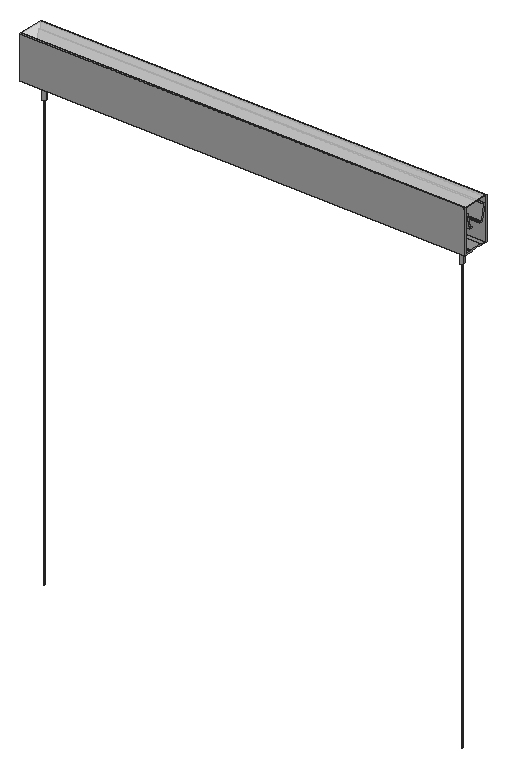
Revit family "2093162 Sylvania Lighting Fixture MC2 0-9M 4K DALI WHT OPAL", category Lighting Fixtures, host Face, Revit 2016
Family settings
  Host = Face
  Part Type = Normal
  Round Connector Dimension = Use Diameter
  OmniClass Number = 23.80.70.11.17
  OmniClass Title = Specialized Lighting by Location or Use
  Cut with Voids When Loaded = No
  Light Source = Yes
  Shared = No
  Room Calculation Point = No
Parameters (values of type "2093162 MC2 0.9M 4K DALI WHT OPAL")
  Width_SYL = 54.0 mm
  Weight = "1.8 kg"
  Wattage = 16 W
  WarrantyStartDate [instance] = "n/a"
  WarrantyGuarantorParts = "n/a"
  WarrantyDurationUnit = "n/a"
  WarrantyDurationParts = "n/a"
  WarrantyDescription = "n/a"
  built-in parameter 1150110 = 1 (stored number, unit not read)
  Voltage = 0 V
  URL = "http://www.sylvania-lighting.com"
  TypeName = "MC2 0.9M 4K DALI WHT OPAL"
  built-in parameter 1114217 = 1 (stored number, unit not read)
  Tilt Angle = -90.00°
  built-in parameter 1150109 = 1 (stored number, unit not read)
  built-in parameter 1150134 = 12
  built-in parameter 1150113 = 1 (stored number, unit not read)
  SerialNumber [instance] = "n/a"
  PowerFactor = 0.95
  PowerConsumption = "16 W"
  NominalWidth = 0.0 mm
  NominalLength = 900.0 mm
  NominalHeight = 86.0 mm
  Name = "MC2 0.9M 4K DALI WHT OPAL"
  ModelReference = "MC2 0.9M 4K DALI WHT OPAL"
  ModelNumber = "2093162"
  Material_3_SYL = Metal_Sylvania_Mini Contiuum II_Silver
  Photometric Web File = "2093162.ies"
  Material_4_SYL = Metal_Sylvania_Mini Contiuum II_Silver
  MountingHeight_SYL [instance] = 1000.0 mm
  Material = "aluminium housing, polycarbonate diffuser"
  ManufacturerName = "Feilo Sylvania"
  LuminousEfficacy = "112 lm/W"
  LuminaireType = ""
  LightOutputRatio = "100"
  Length_SYL = 900.0 mm
  LampsType = Lamp  # "LED"
  LampNominalLuminous = "1787 lm"
  LampMacAdamStep = "3"
  LampColourTemperature = "4000 K"
  LampColourRenderingIndex = "80"
  Keynote = "16500"
  InstallationDate [instance] = "n/a"
  InputVoltage = "n/a"
  InputNominalFrequency = "n/a"
  IngressProtection = "IP20"
  ImpactProtectionIndex = "n/a"
  IfcExportType = "IfcLightFixtureType"
  IfcExportAs = "IfcLightFixtureType"
  Height_SYL = 86.0 mm
  ExpectedLife = 50000
  EndCapRight_SYL [instance] = no
  EndCapLeft_SYL [instance] = no
  Emit from Rectangle Width = Width_SYL - 2.0 mm  # 52.0 mm
  Emit from Rectangle Length = Length_SYL  # 900.0 mm
  Emit Shape Visible in Rendering = no
  ElectricShockClassification = "Class I"
  DurationUnit = "hours"
  DocumentationLiterature = "http://www.sylvania-lighting.com/product/en-int/products/2093162"
  DimmingControlOptions = "n/a"
  CreatedOn = "10/15/2018"
  CreatedBy = "@sylvania-lighting.com"
  built-in parameter 1114216 [instance] = 1 (stored number, unit not read)
  Model = "MC2 0.9M 4K DALI WHT OPAL"
  Manufacturer = "Feilo Sylvania"
  built-in parameter 1150105 = 142.6 (stored number, unit not read)
  Lumens = 1792 lm
  built-in parameter 1150115 = 1 (stored number, unit not read)
  built-in parameter 1150137 = (empty or 0)
  built-in parameter 1150139 = (empty or 0)
  built-in parameter 1150112 = 1 (stored number, unit not read)
  built-in parameter 1150114 = 1 (stored number, unit not read)
  Lamp = "LED"
  built-in parameter 1150132 = 2
  built-in parameter 1150102 = (empty or 0)
  built-in parameter 1150107 = 4000 (stored number, unit not read)
  built-in parameter 1150138 = (empty or 0)
  built-in parameter 1150106 = 1.426 (stored number, unit not read)
  Material_1_SYL = Metal_Sylvania_Mini Continuum II_White
  built-in parameter 1150104 = 10.405 (stored number, unit not read)
  Dimming Lamp Color Temperature Shift = <None>
  Material_2_SYL = Polycarbonate_Sylvania_Mini Continuum II_Opal_4000K
  Description = "2093162   MC2 0.9M 4K DALI WHT OPAL  Continuous lines of LED light, white RAL 9016, direct distribution, extension module, trimless detail for a seamless finish, suitable for recessed, semi-recessed, surface-mounted or suspended installation either horizontally or vertically, various accessories available, compact and minimalist design based on the Golden Mean, ideal for offices, meeting rooms, corridors, education facilities, museums and libraries, extruded aluminium body, diffuser: opal, colour temperature: 4000K neutral white, total system power: 13W, total fixture output: 1787lm, luminaire efficacy: 137lm/W, LOR: 100%, colour rendering: Ra >80, LED Chromacity: 1 step MacAdam ellipse, lifetime: 60,000 hours at 90% of the original output (L90), energy class: A++, A+, A, IR/UV free light source without heat radiation, operating voltage: 220-240V / 50-60Hz, drive current: 600mA, electronic driver, DALI dimmable, electrical protection: CLASS I, IP20, suitable for internal environment only."
  Default Elevation = 0.0 mm
  Color Filter = 16777215
  built-in parameter 1140040 [instance] = 1
  BarCode [instance] = "n/a"
  built-in parameter 1114218 = 1 (stored number, unit not read)
  built-in parameter 1150133 = 10 (stored number, unit not read)
  AssetType = "Fixed"
  AssetIdentifier [instance] = "n/a"
  Assembly Code = "D5020200"
  Apparent Load = 16 VA
Reference planes
  plane 1 "Center (Front/Back)": y = 0
  plane 2 "Bottom Fixtures": z = 0
  plane 3 "Center (Left/Right)": x = 0
  plane 4 "Fixture Left": x = -450
  plane 5 "Fixture Right": x = 450
  plane 6 "Fixture Bottom": z = 1000
  plane 7: z = 998
  plane 8: z = 996
  plane 9: z = 986.951
  plane 10: z = 956.951
  plane 11 "Fixture Top": z = 914
  plane 12 "Mounting Right": x = 422
  plane 13 "Mounting Left": x = -422
  plane 14: z = 879
  plane 15: y = 27
  plane 16: y = -27
  plane 17: y = -26
  plane 18: y = -25
  plane 19: y = 26
  plane 20: y = 25
  plane 21: y = 11
  plane 22: y = -11
  plane 23: y = 24
  plane 24: y = 22
  plane 25: y = -22
  plane 26: y = 15
  plane 27: y = -15
  plane 28 "Upper Diffuser Left": x = -300
  plane 29 "Upper Diffuser Right": x = 300
  plane 30: x = -452
  plane 31: x = 452
Forms (mm)
  Extrusion 1, solid, material "Metal_Sylvania_Mini Continuum II_White" <- "Material_1_SYL", detail levels fine
    sketch origin (0, 0, 520) x (0, 1, 0) y (0, 0, 1)
      loop
        line (27, 480) -> (26, 480) -> (26, 478) -> (25, 478) -> (25, 396) -> (13, 396) -> (13, 398) -> (-13, 398) -> (-13, 396) -> (-25, 396) -> (-25, 478) -> (-26, 478) -> (-26, 480) -> (-27, 480) -> (-27, 394) -> (-11, 394) -> (-11, 396) -> (11, 396) -> (11, 394) -> (27, 394) -> (27, 480)
    from -450 to 450
  Extrusion 2, solid, material "Polycarbonate_Sylvania_Mini Continuum II_Opal_4000K" <- "Material_2_SYL", detail levels fine
    sketch origin (0, 0, 520) x (0, 1, 0) y (0, 0, 1)
      loop
        line (-26, 480) -> (-26, 478) -> (26, 478) -> (26, 480) -> (-26, 480)
    from -450 to 450
  Extrusion 3, solid, material "Metal_Sylvania_Mini Contiuum II_Silver" <- "Material_3_SYL", detail levels fine
    sketch origin (0, 0, 520) x (0, 1, 0) y (0, 0, 1)
      loop
        line (22, 466.951) -> (20.973, 466.951) -> (14.206, 437.951) -> (11, 437.951) -> (11, 436.951) -> (15, 436.951) -> (22, 466.951)
      loop
        line (-15, 436.951) -> (-11, 436.951) -> (-11, 437.951) -> (-14.206, 437.951) -> (-20.973, 466.951) -> (-22, 466.951) -> (-15, 436.951)
    from -450 to 450
  Extrusion 4, solid, material "Metal_Sylvania_Mini Continuum II_White" <- "Material_1_SYL", detail levels coarse+medium
    sketch origin (0, 0, 520) x (0, 1, 0) y (0, 0, 1)
      loop
        line (-27, 480) -> (-27, 394) -> (27, 394) -> (27, 480) -> (-27, 480)
    from -450 to 450
  Extrusion 5, solid, material "Metal_Sylvania_Mini Contiuum II_Silver" <- "Material_4_SYL", detail levels fine
    sketch origin (0, 0, -86) x (-1, 0, 0) y (0, -1, 0)
      loop
        circle (422, 0) r 4
      loop
        circle (-422, 0) r 4
    from 965 to 1002
  Extrusion 6, solid, material "Metal_Sylvania_Mini Contiuum II_Silver" <- "Material_4_SYL", detail levels fine
    sketch origin (0, 0, -86) x (-1, 0, 0) y (0, -1, 0)
      loop
        circle (-422, 0) r 1
      loop
        circle (422, 0) r 1
    from 86 to 965
  Extrusion 7, solid, material "Metal_Sylvania_Mini Continuum II_White" <- "Material_1_SYL", visible <- "EndCapLeft_SYL"
    sketch origin (-450, 171.684, 1219.2) x (0, 1, 0) y (0, 0, 1)
      loop
        line (-198.684, -305.2) -> (-144.684, -305.2) -> (-144.684, -219.2) -> (-198.684, -219.2) -> (-198.684, -305.2)
    from 0 to -2
  Extrusion 8, solid, material "Metal_Sylvania_Mini Continuum II_White" <- "Material_1_SYL", visible <- "EndCapRight_SYL"
    sketch origin (450, 171.684, 1219.2) x (0, 1, 0) y (0, 0, -1)
      loop
        line (-144.684, 219.2) -> (-144.684, 305.2) -> (-198.684, 305.2) -> (-198.684, 219.2) -> (-144.684, 219.2)
    from 0 to -2
Lines and regions (mm)
  Masking region 1
    outline origin (0, 0, -86) x (-1, 0, 0) y (0, -1, 0)
      loop
        line (450, -27) -> (450, 27) -> (-450, 27) -> (-450, -27) -> (450, -27)
  symbolic lines, detail levels fine
    curve 1: line (-450, 26, -86) -> (450, 26, -86)
    curve 2: line (-450, -26, -86) -> (450, -26, -86)
  model lines, detail levels coarse+medium
    curve 3: line (-422, 0, 914) -> (-422, 0, 0)
    curve 4: line (422, 0, 914) -> (422, 0, 0)
Dimensions and locks
  host sketch curve to plane 3 "Center (Left/Right)" to host sketch curve = 820.0 mm, 775.047 mm
  equal spacing: plane 4 "Fixture Left", plane 3 "Center (Left/Right)", plane 5 "Fixture Right"
  "Length_SYL": plane 4 "Fixture Left" to plane 5 "Fixture Right"
  plane 6 "Fixture Bottom" to plane 7 to plane 8 to plane 9 to plane 10 = 2.0 mm locked, 2.0 mm locked, 9.049 mm locked, 30.0 mm locked
  locked: Extrusion 1 sketch curve to Extrusion 1 sketch curve at 2
  locked: Extrusion 1 sketch curve to plane 11 "Fixture Top" at 2
  "Height_SYL": plane 6 "Fixture Bottom" to plane 11 "Fixture Top"
  locked: plane 12 "Mounting Right" to plane 5 "Fixture Right" at 28
  locked: plane 4 "Fixture Left" to plane 13 "Mounting Left" at 28
  locked: plane 11 "Fixture Top" to plane 14 at 35
  "MountingHeight_SYL": plane 6 "Fixture Bottom" to plane 2 "Bottom Fixtures"
  equal spacing: plane 15, plane 1 "Center (Front/Back)", plane 16
  "Width_SYL": plane 15 to plane 16
  plane 22 to plane 27 to plane 25 to plane 18 to plane 17 to plane 16 = 4.0 mm locked, 7.0 mm locked, 3.0 mm locked, 1.0 mm locked, 1.0 mm locked
  plane 15 to plane 19 to plane 20 to plane 23 to plane 24 to plane 26 to plane 21 = 1.0 mm locked, 1.0 mm locked, 1.0 mm locked, 2.0 mm locked, 7.0 mm locked, 4.0 mm locked
  locked: plane 4 "Fixture Left" to plane 28 "Upper Diffuser Left" at 150
  locked: plane 29 "Upper Diffuser Right" to plane 5 "Fixture Right" at 150
  equal spacing: plane 30, plane 3 "Center (Left/Right)", plane 31
  locked: plane 30 to plane 4 "Fixture Left" at 2
  aligned and locked: plane 2 "Bottom Fixtures" to host face
  aligned and locked: level to host face
  aligned and locked: plane 5 "Fixture Right" to curve 1
  aligned and locked: plane 4 "Fixture Left" to curve 1
  aligned and locked: plane 4 "Fixture Left" to curve 2
  aligned and locked: plane 5 "Fixture Right" to curve 2
  aligned and locked: Extrusion 1 sketch curve to plane 7
  aligned and locked: plane 6 "Fixture Bottom" to Extrusion 1 sketch curve  (x2)
  aligned and locked: plane 7 to Extrusion 1 sketch curve
  aligned and locked: Extrusion 1 to Extrusion 2 sketch curve
  aligned and locked: Extrusion 2 sketch curve to Extrusion 1  (x3)
  aligned and locked: Extrusion 3 sketch curve to plane 10
  aligned and locked: plane 9 to Extrusion 3 sketch curve
  aligned and locked: Extrusion 3 sketch curve to plane 9
  aligned and locked: Extrusion 4 sketch curve to plane 6 "Fixture Bottom"
  aligned and locked: Extrusion 4 to plane 4 "Fixture Left"
  aligned and locked: Extrusion 2 to plane 4 "Fixture Left"
  aligned and locked: Extrusion 3 to plane 4 "Fixture Left"
  aligned and locked: Extrusion 1 to plane 4 "Fixture Left"
  aligned and locked: Extrusion 4 to plane 5 "Fixture Right"
  aligned and locked: Extrusion 2 to plane 5 "Fixture Right"
  aligned and locked: Extrusion 3 to plane 5 "Fixture Right"
  aligned and locked: Extrusion 1 to plane 5 "Fixture Right"
  aligned and locked: plane 11 "Fixture Top" to Extrusion 4 sketch curve
  aligned and locked: Extrusion 1 sketch curve to plane 11 "Fixture Top"  (x2)
  aligned and locked: Extrusion 1 sketch curve to Extrusion 1 sketch curve
  aligned and locked: plane 6 "Fixture Bottom" to imposter light
  aligned and locked: plane 11 "Fixture Top" to curve 3
  aligned and locked: plane 2 "Bottom Fixtures" to curve 3
  aligned and locked: plane 11 "Fixture Top" to curve 4
  aligned and locked: plane 2 "Bottom Fixtures" to curve 4
  aligned and locked: curve 4 to plane 12 "Mounting Right"
  aligned and locked: curve 3 to plane 13 "Mounting Left"
  aligned and locked: Extrusion 5 to Extrusion 1
  aligned and locked: Extrusion 5 to plane 14
  aligned and locked: plane 14 to Extrusion 6
  aligned and locked: Extrusion 6 to level
  aligned and locked: plane 21 to Extrusion 3 sketch curve
  aligned and locked: Extrusion 3 sketch curve to plane 22
  aligned and locked: Extrusion 7 sketch curve to Extrusion 4  (x4)
  aligned and locked: Extrusion 7 to plane 30
  aligned and locked: plane 4 "Fixture Left" to Extrusion 7
  aligned and locked: Extrusion 8 sketch curve to Extrusion 4  (x4)
  aligned and locked: plane 31 to Extrusion 8
  aligned and locked: plane 5 "Fixture Right" to Extrusion 8
Automatic sketch dimensions
  host sketch curve to host sketch curve = 1047.463 mm
  plane 19 to curve 1 = 0.0 mm
  curve 2 to plane 17 = 0.0 mm
  Masking region 1 sketch curve to plane 5 "Fixture Right" = 0.0 mm
  Masking region 1 sketch curve to plane 4 "Fixture Left" = 0.0 mm
  plane 15 to Masking region 1 sketch curve = 0.0 mm
  Masking region 1 sketch curve to plane 16 = 0.0 mm
  Extrusion 1 sketch curve to plane 16 = 0.0 mm
  Extrusion 1 sketch curve to plane 17 = 0.0 mm
  Extrusion 1 sketch curve to plane 18 = 0.0 mm
  Extrusion 1 sketch curve to plane 22 = 0.0 mm
  Extrusion 1 sketch curve to plane 21 = 0.0 mm
  Extrusion 1 sketch curve to plane 20 = 0.0 mm
  Extrusion 1 sketch curve to plane 19 = 0.0 mm
  Extrusion 1 sketch curve to plane 15 = 0.0 mm
  plane 11 "Fixture Top" to Extrusion 1 sketch curve = 2.0 mm
  Extrusion 1 sketch curve to plane 22 = 2.0 mm
  Extrusion 1 sketch curve to plane 21 = 2.0 mm
  Extrusion 3 sketch curve to plane 25 = 0.0 mm
  Extrusion 3 sketch curve to plane 27 = 0.0 mm
  Extrusion 3 sketch curve to plane 26 = 0.0 mm
  Extrusion 3 sketch curve to plane 24 = 0.0 mm
  plane 10 to Extrusion 3 sketch curve = 1.0 mm
  Extrusion 3 sketch curve to Extrusion 3 sketch curve = 1.027 mm
  plane 27 to Extrusion 3 sketch curve = 0.794 mm
  plane 26 to Extrusion 3 sketch curve = 0.794 mm
  plane 24 to Extrusion 3 sketch curve = 1.027 mm
  Extrusion 4 sketch curve to plane 16 = 0.0 mm
  Extrusion 4 sketch curve to plane 15 = 0.0 mm
  plane 1 "Center (Front/Back)" to Extrusion 5 sketch curve = 0.0 mm  (x2)
  Extrusion 5 sketch curve to plane 12 "Mounting Right" = 0.0 mm
  Extrusion 5 sketch curve to plane 13 "Mounting Left" = 0.0 mm
  plane 1 "Center (Front/Back)" to Extrusion 6 sketch curve = 0.0 mm  (x2)
  Extrusion 6 sketch curve to plane 12 "Mounting Right" = 0.0 mm
  Extrusion 6 sketch curve to plane 13 "Mounting Left" = 0.0 mm
  Extrusion 3 sketch curve to Extrusion 3 sketch curve = 0.0 mm
  Extrusion 3 sketch curve to plane 10 = 0.0 mm
  radius of Extrusion 5 sketch curve = 4.0 mm  (x2)
  radius of Extrusion 6 sketch curve = 1.0 mm  (x2)
Connectors
  electrical at (450, 0, 949), driven by "Apparent Load"
    settings: on Extrusion 1, index 1, voltage 230 V, apparent load 0 VA, apparent load phase1 16 VA, apparent load phase2 0 VA, apparent load phase3 0 VA, power factor 1, load classification "Lighting", number of poles 1, system type 31, power factor state 1, is connector primary yes, connector utility no, sub classification motor no, connector description ""
